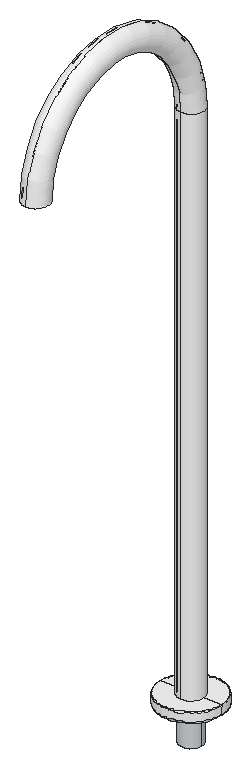
Revit family "Reece_Tap_Sussex_Scala_Bath Outlet_Floor Mounted_32 mm", category Plumbing Fixtures, host Face, Revit 2018
Family settings
  Host = Face
  Round Connector Dimension = Use Diameter
  Part Type = Normal
  Cut with Voids When Loaded = No
  Shared = Yes
  Room Calculation Point = Yes
Parameters (values of type "250 mm_Chrome")
  WFU = 0  # constant formula
  URL = "https://www.reece.com.au/product/-225901"
  Type Comments = "Tap"
  Reece_Tap_Reach = 250 mm  # constant formula
  Reece_Tap_Inlet = 15 mm  # constant formula
  Reece_Tap_Clearance = 690 mm  # constant formula
  Reece_Product_Web Page = "https://www.reece.com.au/product/-225901"
  Reece_Product_Type = "Tap"  # constant formula
  Reece_Product_Sub Brand = "Scala"  # constant formula
  Reece_Product_Number = "225901"
  Reece_Product_Mount = "Floor Mounted"
  Reece_Product_Description = "Sussex Scala 32mm Floor Mounted Outlet 830mm Chrome"
  Reece_Product_Brand = "Sussex"  # constant formula
  Reece_Overall_Projection = 140 mm  # constant formula
  Reece_Overall_Height = 830 mm  # constant formula
  Reece_Overall_Diameter = 80 mm  # constant formula
  Reece_Material_Main = Reece_Brass_Chrome
  Reece_Detail_Type = "Bath Outlet"  # constant formula
  Reece_Detail_Shape = ""
  Reece_Detail_Disclaimer = "THIS FILE IS THE PROPERTY OF THE REECE GROUP. IT MAY NOT BE REPRODUCED, REVERSE-ENGINEERED OR MODIFIED. ANY REPUBLICATION, TRANSMISSION OR DISTRIBUTION FOR THE PURPOSE OF COMMERCIALLY EXPLOITING THE FILES IS PROHIBITED."  # constant formula
  Reece_Detail_Additional = ""
  Model = "Scala"
  Manufacturer = "Sussex"
  Keynote = "Product #225901, Reece_Tap_Sussex_Scala_Bath Outlet_Floor Mounted_32 mm - 250 mm_Chrome"
  HWFU = 0  # constant formula
  Disclaimer = "THIS FILE IS THE PROPERTY OF THE REECE GROUP. IT MAY NOT BE REPRODUCED, REVERSE-ENGINEERED OR MODIFIED. ANY REPUBLICATION, TRANSMISSION OR DISTRIBUTION FOR THE PURPOSE OF COMMERCIALLY EXPLOITING THE FILES IS PROHIBITED."  # constant formula
  Description = "Scala 32mm Floor Mounted Outlet 830mm Chrome"
  Default Elevation = 1000 mm
  CWFU = 0  # constant formula
Types (8, lengths in mm): name | URL | Reece_Product_Web Page | Reece_Product_Number | Reece_Product_Description | Reece_Material_Main | Keynote | Description
  250 mm_Chrome | "https://www.reece.com.au/product/-225901" | "https://www.reece.com.au/product/-225901" | "225901" | "Sussex Scala 32mm Floor Mounted Outlet 830mm Chrome" | Reece_Brass_Chrome | "Product #225901, Reece_Tap_Sussex_Scala_Bath Outlet_Floor Mounted_32 mm - 250 mm_Chrome" | "Scala 32mm Floor Mounted Outlet 830mm Chrome"
  250 mm_Brushed Gunmetal | "https://www.reece.com.au/product/-2263738" | "https://www.reece.com.au/product/-2263738" | "2263738" | "Sussex Scala 32mm Floor Mounted Outlet 830mm Brushed Gunmetal" | Reece_Brass_Brushed Gunmetal | "Product #2263738, Reece_Tap_Sussex_Scala_Bath Outlet_Floor Mounted_32 mm - 250 mm_Brushed Gunmetal" | "Scala 32mm Floor Mounted Outlet 830mm Brushed Gunmetal\r\nScala 32mm Floor Mounted Outlet 830mm Brushed Gunmetal\r\nScala 32mm Floor Mounted Outlet 830mm Brushed Gunmetal"
  250 mm_Brushed Nickel | "https://www.reece.com.au/product/-226013" | "https://www.reece.com.au/product/-226013" | "226013" | "Sussex Scala 32mm Floor Mounted Outlet 830mm Brushed Nickel" | Reece_Brass_Brushed Nickel | "Product #226013, Reece_Tap_Sussex_Scala_Bath Outlet_Floor Mounted_32 mm - 250 mm_Brushed Nickel" | "Scala 32mm Floor Mounted Outlet 830mm Brushed Nickel"
  250 mm_Living Brushed Brass | "https://www.reece.com.au/product/-2263431" | "https://www.reece.com.au/product/-2263431" | "2263431" | "Sussex Scala 32mm Floor Mounted Outlet 830mm Living Brushed Brass" | Reece_Brass_Living Brushed | "Product #2263431, Reece_Tap_Sussex_Scala_Bath Outlet_Floor Mounted_32 mm - 250 mm_Living Brushed Brass" | "Scala 32mm Floor Mounted Outlet 830mm Living Brushed Brass"
  250 mm_Living Tumbled Brass | "https://www.reece.com.au/product/-2287200" | "https://www.reece.com.au/product/-2287200" | "2287200" | "Sussex Scala 32mm Floor Mounted Outlet 830mm Living Tumbled Brass" | Reece_Brass_Living Tumbled | "Product #2287200, Reece_Tap_Sussex_Scala_Bath Outlet_Floor Mounted_32 mm - 250 mm_Living Tumbled Brass" | "Scala 32mm Floor Mounted Outlet 830mm Living Tumbled Brass"
  250 mm_PVD Brushed Platinum Gold | "https://www.reece.com.au/product/-2268226" | "https://www.reece.com.au/product/-2268226" | "2268226" | "Sussex Scala 32mm Floor Mounted Outlet 830mm LUX PVD Brushed Platinum Gold" | Reece_PVD_Brushed_Platinum Gold | "Product #2268226, Reece_Tap_Sussex_Scala_Bath Outlet_Floor Mounted_32 mm - 250 mm_PVD Brushed Platinum Gold" | "Scala 32mm Floor Mounted Outlet 830mm LUX PVD Brushed Platinum Gold"
  250 mm_Matte Black | "https://www.reece.com.au/product/-2285858" | "https://www.reece.com.au/product/-2285858" | "2285858" | "Sussex Scala 32mm Floor Mounted Outlet 830mm Matte Black" | Reece_Brass_Matte Black | "Product #2285858, Reece_Tap_Sussex_Scala_Bath Outlet_Floor Mounted_32 mm - 250 mm_Matte Black" | "Scala 32mm Floor Mounted Outlet 830mm Matte Black"
  250 mm_Matte White | "https://www.reece.com.au/product/-2263999" | "https://www.reece.com.au/product/-2263999" | "2263999" | "Sussex Scala 32mm Floor Mounted Outlet 830mm Matte White" | Reece_Brass_Matte White | "Product #2263999, Reece_Tap_Sussex_Scala_Bath Outlet_Floor Mounted_32 mm - 250 mm_Matte White" | "Scala 32mm Floor Mounted Outlet 830mm Matte White"
Reference planes
  plane 1 "Center (Front/Back)": y = 0
  plane 2 "Bottom": z = 0
  plane 3 "Center (Left/Right)": x = 0
  plane 4 "Top": z = 830
  plane 5: x = 22.5
  plane 6: x = -22.5
  plane 7: z = 690
  plane 8: y = -250
  plane 9: z = 12
  plane 10: x = -16
  plane 11: x = 16
Forms (mm)
  Revolve 1, solid, material "Reece_Brass_Chrome" <- "Reece_Material_Main"
    sketch origin (0, 0, 215.6) x (-1, 0, 0) y (0, 0, 1)
      loop
        line (0, -201.707) -> (-16, -201.707) -> (-16, -203.6) -> (-39.5, -203.6)
        arc (-39.5, -203.6) -> (-39.854, -203.746) -> (-40, -204.1) r 0.5
        line (-40, -204.1) -> (-40, -215.1)
        arc (-40, -215.1) -> (-39.854, -215.454) -> (-39.5, -215.6) r 0.5
        line (-39.5, -215.6) -> (0, -215.6) -> (0, -201.707)
      axis (0, -201.707) -> (0, -215.6)
    angle from 0 to 360
  Extrusion 2, void
    sketch origin (0, 0, 0) x (1, 0, 0) y (0, 1, 0)
      loop
        circle (0, 0) r 16
    from -15.592 to 15.518
  Sweep 3, solid, material "Reece_Brass_Chrome" <- "Reece_Material_Main"
    path origin (0, 0, -5) x (0, 1, 0) y (0, 0, 1)
      loop
        line (0, 17) -> (0, 694.203)
        arc (0, 694.203) -> (-125, 819.203) -> (-250, 694.203) r 125
    profile origin (0, 0, 350.601) x (0, -1, 0) y (1, 0, 0)
      loop
        circle (0, 0) r 16
      loop
        circle (0, 0) r 14
  Revolve 4, solid, material "Reece_Brass_Chrome" <- "Reece_Material_Main"
    sketch origin (0, -106.652, 799.496) x (0, 0, 1) y (0, -1, 0)
      loop
        line (-105.793, 143.348) -> (-105.793, 158.22) -> (-109.496, 158.22) -> (-109.496, 156.896) -> (-108.308, 156.896) -> (-108.308, 154.606) -> (-107.511, 154.606) -> (-107.511, 143.348) -> (-105.793, 143.348)
      axis (-105.793, 143.348) -> (-109.496, 143.348)
    angle from 0 to 360
  Extrusion 5, void
    sketch origin (0, 0, 0) x (0, 1, 0) y (0, 0, 1)
      loop
        line (-231.425, 690) -> (-269.281, 690) -> (-269.281, 685) -> (-231.425, 685) -> (-231.425, 690)
    from -17.16 to 23.451
  Revolve 6, solid
    sketch origin (0, 0, 0) x (1, 0, 0) y (0, 0, 1)
      loop
        line (0, 0) -> (0, -44.213) -> (13.979, -44.213) -> (13.979, 0) -> (0, 0)
      axis (0, 0) -> (0, -44.213)
    angle from 0 to 360
Cuts and joins
  Extrusion 5 cuts Sweep 3
  joined: Revolve 1, Sweep 3, Revolve 4
Text (mm)
  text "Reece Copyright © 2018, Reece Ltd." at (-370.184, -201.3, 0), in view "Ref. Level"
  text "Reece ©" at (44.384, 258.95, 192.345), in view "Reece Preview"
Dimensions and locks
  "Reece_Overall_Height": plane 4 "Top" to host face
  "Reece_Overall_Height": plane 4 "Top" to plane 2 "Bottom"
  plane 6 to plane 5 = 45 mm
  "Reece_Tap_Clearance": plane 7 to plane 2 "Bottom"
  "Reece_Tap_Reach": plane 1 "Center (Front/Back)" to plane 8
  plane 9 to host face = 12 mm
  plane 10 to plane 11 = 32 mm
  aligned and locked: plane 2 "Bottom" to host face
  aligned and locked: level to host face
Automatic sketch dimensions
  host sketch curve to host sketch curve = 380.785 mm
  host sketch curve to host sketch curve = 317.421 mm
  plane 1 "Center (Front/Back)" to Extrusion 2 sketch curve = 0 mm
  Extrusion 2 sketch curve to plane 3 "Center (Left/Right)" = 0 mm
  Sweep 3 sketch curve to Sweep 3 sketch curve = 0 mm  (x2)
  Sweep 3 sketch curve to plane 3 "Center (Left/Right)" = 0 mm
  Sweep 3 sketch curve to profile plane = 0 mm
  Sweep 3 sketch curve to plane 8 = 0 mm
  Sweep 3 sketch curve to plane 1 "Center (Front/Back)" = 0 mm
  Sweep 3 sketch curve to plane 7 = 0.797 mm
  Sweep 3 sketch curve to plane 9 = 0 mm
  Extrusion 5 sketch curve to plane 7 = 0 mm
  plane 8 to Extrusion 5 sketch curve = 19.281 mm
  Extrusion 5 sketch curve to plane 7 = 5 mm
  Extrusion 5 sketch curve to plane 8 = 18.575 mm
  Revolve 4 sketch curve to plane 7 = 0 mm
  Revolve 4 sketch curve to plane 8 = 0 mm  (x2)
  plane 7 to Revolve 4 sketch curve = 1.188 mm
  Revolve 4 sketch curve to Revolve 4 sketch curve = 2.516 mm
  plane 8 to Revolve 4 sketch curve = 11.258 mm
  Revolve 4 sketch curve to Revolve 4 sketch curve = 2.29 mm
  Revolve 4 sketch curve to Revolve 4 sketch curve = 1.324 mm
  Revolve 4 sketch curve to Revolve 4 sketch curve = 0.797 mm
  Revolve 4 sketch curve to Revolve 4 sketch curve = 2.297 mm
  Revolve 4 sketch curve to Revolve 4 sketch curve = 15 mm
  Revolve 1 sketch curve to plane 9 = 0 mm
  Revolve 1 sketch curve to level = 0 mm
  Revolve 1 sketch curve to plane 3 "Center (Left/Right)" = 0 mm  (x2)
  Revolve 1 sketch curve to plane 9 = 0.5 mm
  plane 5 to Revolve 1 sketch curve = 17 mm
  Revolve 1 sketch curve to Revolve 1 sketch curve = 0.5 mm
  plane 9 to Revolve 1 sketch curve = 1.893 mm
  Revolve 1 sketch curve to plane 9 = 4.4 mm
  Revolve 1 sketch curve to Revolve 1 sketch curve = 68.707 mm
  plane 11 to Revolve 1 sketch curve = 0 mm
  Revolve 6 sketch curve to plane 3 "Center (Left/Right)" = 0 mm  (x2)
  Revolve 6 sketch curve to Revolve 6 sketch curve = 10.891 mm
  Revolve 6 sketch curve to Revolve 6 sketch curve = 11.377 mm
  Revolve 6 sketch curve to level = 0 mm
  plane 11 to Revolve 6 sketch curve = 2.021 mm
  Revolve 6 sketch curve to level = 44.213 mm
  radius of Extrusion 2 sketch curve = 16 mm
  radius of Sweep 3 sketch curve = 16 mm
  radius of Sweep 3 sketch curve = 14 mm
Connectors
  piping at (0, 0, -44.213), diameter 15, driven by "Reece_Tap_Inlet"
    settings: on Revolve 6, index 1, connector inside diameter 609.6 mm, connector length 0 mm, flow factor 0, pipe flow 0.0 L/s, pressure drop 0.0 Pa, fitting loss kfactor 0, connector angle 0.00°, fixture units 0, engagement length 0 mm, angle of deflection 0.00°, flow configuration 0, flow direction 1, fitting loss method 0, system type 29, joint type 0, gender type 0, connector reference index -1, connector utility 0, adjustable connector no, is connector primary yes, connector description ""
